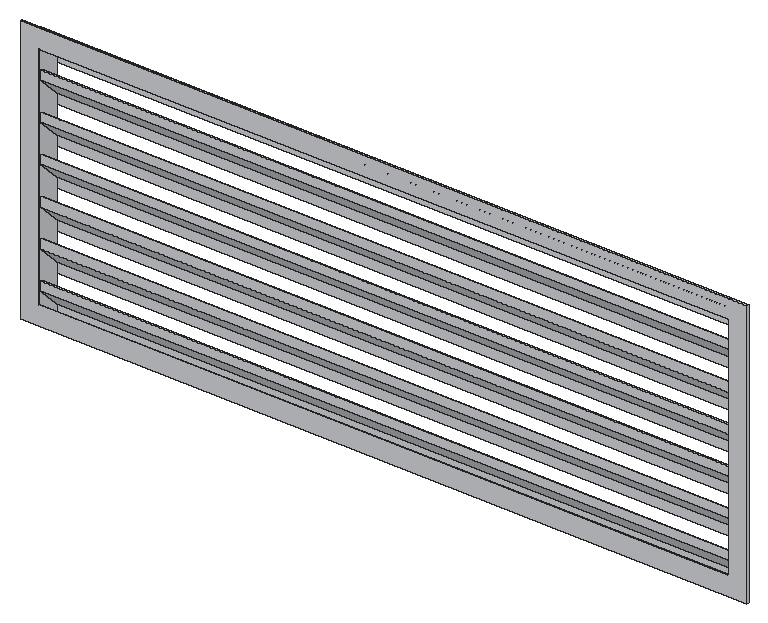
Revit family "Отверстие прямоугольное с решеткой", category Обобщенные модели, Revit 2021
Family settings
  Может служить основой для арматурных стержней = Нет
  Размер круглого соединителя = Использовать диаметр
  Тип детали = Нормальный
  На основе рабочей плоскости = Нет
  Всегда вертикально = Да
  При загрузке вырезать с полостями = Да
  Общий = Нет
  Точка принадлежности помещению = Нет
Parameters
  Фальшсмещение [instance] = 1000 mm + Смещение УГО КР  # 1000 mm
  Фальшплоскость [instance] = 2000 mm
  Фальшотметка [instance] = 2000 mm + Отверстие_Отметка от этажа  # 3200 mm
  Толщина стены КР [instance] = 200 mm
  Толщина стены [instance] = 300 mm
  Тип семейства = "Отверстие прямоугольное на вертикальной грани"  # constant formula
  Тип отверстия КР [instance] = УГО отверстие прямоугольное КР : Отверстие инженерное
  Смещение УГО КР [instance] = 0 mm
  Отображение УГО на разрезе [instance] = yes
  Отметка по умолчанию = 0 mm
  Отметка от нуля здания [instance] = 0 mm
  Отверстие_Ширина [instance] = 1500 mm
  Отверстие_СогласованиеКР [instance] = no
  Отверстие_СогласованиеИОС [instance] = no
  Отверстие_СогласованиеАР [instance] = no
  Отверстие_Размер [instance] = "500"
  Отверстие_Отметка от этажа [instance] = 1200 mm
  Отверстие_НаУдаление [instance] = no
  Отверстие_Глубина [instance] = 500 mm
  Отверстие_Высота [instance] = 500 mm
  Марка раздела [instance] = "ВК"
  М.решетки = none
  Задание [instance] = "АР, КР"
  Высота расположения УГО [instance] = 1300 mm
  Верхний брус [instance] = Отверстие_Отметка от этажа + Отверстие_Высота  # 1700 mm
  ADSK_Отметка от нуля здания [instance] = Отметка от нуля здания  # 0 mm
  ADSK_Отверстие_Ширина [instance] = Отверстие_Ширина  # 1500 mm
  ADSK_Отверстие_Размер [instance] = Отверстие_Размер  # "500"
  ADSK_Отверстие_Отметка от этажа [instance] = Отверстие_Отметка от этажа  # 1200 mm
  ADSK_Отверстие_Высота [instance] = Отверстие_Высота  # 500 mm
  ADSK_Марка раздела [instance] = Марка раздела  # "ВК"
  ADSK_Задание [instance] = Задание  # "АР, КР"
Reference planes
  plane 1 "По центру (Вперед/Назад)": y = 0
  plane 2: z = 0
  plane 3 "По центру (Влево/Вправо)": x = 0
  plane 4: z = 1200
  plane 5: z = 1700
  plane 6: z = 1450
  plane 7: y = 150
  plane 8: y = -150
  plane 9 "1": z = 1300
  plane 10: x = -750
  plane 11: x = 750
  plane 12: z = -2000
  plane 13: y = -1150
Forms (mm)
  Extrusion 1, void
    sketch origin (0, 0, 0) x (1, 0, 0) y (0, 0, 1)
      loop
        line (-750, 1700) -> (-750, 1200) -> (750, 1200) -> (750, 1700) -> (-750, 1700)
    from -250 to 250
Lines and regions (mm)
  model lines, detail levels fine
    curve 1: line (-750, 0, 1700) -> (750, 0, 1700)
    curve 2: line (-750, 0, 1200) -> (-750, 0, 1700)
    curve 3: line (750, 0, 1200) -> (-750, 0, 1200)
    curve 4: line (750, 0, 1700) -> (750, 0, 1200)
  model lines, style "InvisibleLines", detail levels fine
    curve 5: line (0, 0, 0) -> (0, 0, 1300)
  model lines, style "InvisibleLines"
    curve 6: line (0, -250, 0) -> (0, 250, 0)
  reference lines
    curve 7: line (-750, 0, 0) -> (750, 0, 0)
    curve 8: line (0, 2000, 0) -> (0, -2000, 0)
Dimensions and locks
  equal spacing: Extrusion 1, plane 1 "По центру (Вперед/Назад)", Extrusion 1
  "Отверстие_Глубина": Extrusion 1 to Extrusion 1
  equal spacing: Extrusion 1 sketch curve, plane 3 "По центру (Влево/Вправо)", Extrusion 1 sketch curve
  "Отверстие_Ширина": Extrusion 1 sketch curve to Extrusion 1 sketch curve
  "Отверстие_Высота": Extrusion 1 sketch curve to Extrusion 1 sketch curve
  equal spacing: plane 4, plane 6, plane 5
  "Отверстие_Высота": plane 4 to plane 5
  equal spacing: plane 8, plane 1 "По центру (Вперед/Назад)", plane 7
  "Толщина стены": plane 7 to plane 8
  equal spacing: curve 4, plane 3 "По центру (Влево/Вправо)", curve 2
  "Отверстие_Ширина": curve 4 to curve 2
  equal spacing: curve 1, plane 6, curve 3
  "Отверстие_Высота": curve 1 to curve 3
  "Высота расположения УГО": plane 9 "1" to level
  equal spacing: plane 10, plane 3 "По центру (Влево/Вправо)", plane 11
  "Отверстие_Ширина": plane 10 to plane 11
  equal spacing: curve 6, plane 1 "По центру (Вперед/Назад)", curve 6
  "Отверстие_Глубина": curve 6 to curve 6
  "Фальшплоскость": plane 2 to plane 12
  "Фальшотметка": plane 4 to plane 12
  "Фальшсмещение": nested 4 to plane 13
  locked: plane 8 to plane 13 at 1000
  "Фальшсмещение": nested 3 to plane 13
  aligned and locked: level to plane 2
  aligned and locked: plane 3 "По центру (Влево/Вправо)" to curve 5
  aligned and locked: plane 9 "1" to curve 5
  aligned and locked: level to curve 5
  aligned and locked: nested 1 to plane 4
  aligned and locked: plane 10 to nested 1
  aligned and locked: plane 5 to nested 1
  aligned and locked: nested 1 to plane 11
  aligned and locked: plane 1 "По центру (Вперед/Назад)" to nested 2
  aligned and locked: plane 3 "По центру (Влево/Вправо)" to nested 2
  aligned and locked: nested 3 to plane 6
  aligned and locked: plane 3 "По центру (Влево/Вправо)" to nested 4
  aligned and locked: nested 5 to plane 6
  aligned and locked: nested 5 to plane 1 "По центру (Вперед/Назад)"
  aligned and locked: curve 7 to nested 2
  aligned and locked: curve 8 to plane 3 "По центру (Влево/Вправо)"
  aligned and locked: nested 6 to Extrusion 1
  aligned and locked: curve 8 to nested 6
  aligned and locked: nested 6 to plane 6
Automatic sketch dimensions
  plane 1 "По центру (Вперед/Назад)" to curve 7 = 0 mm
  curve 7 to plane 10 = 0 mm
  curve 7 to plane 11 = 0 mm
  curve 8 to plane 8 = 1850 mm
  plane 7 to curve 8 = 1850 mm
  curve 6 to plane 3 "По центру (Влево/Вправо)" = 0 mm
  Extrusion 1 sketch curve to plane 4 = 0 mm
Nested families
  nested 1: "Обозначение проема-Прямоугольный" at (-750, 0, 1200) x (1, 0, 0) z (0, -1, 0), type "Обозначение проема-Прямоугольный"
    with Ширина 1500 mm, Цветовая область yes, Глубина 500 mm, Видимость линии no, Вершина линии 100 mm
  nested 2: "УГО отверстие прямоугольное АР" at (0, 0, 0), a <- "Отверстие_Ширина", b <- "Толщина стены", type "УГО отверстие прямоугольное АР", detail levels coarse+fine
    with b 300 mm, a 1500 mm
  nested 3: "УГО отверстие прямоугольное" at (0, -50, 1450) x (0, 1, 0) z (1, 0, 0), a <- "Толщина стены КР", b <- "Отверстие_Высота", visible <- "Отображение УГО на разрезе", type "УГО отверстие прямоугольное", detail levels coarse+medium
    with b 500 mm, a 200 mm
  nested 4: "УГО отверстие прямоугольное КР" at (0, -50, 1300), b <- "Толщина стены КР", a <- "Отверстие_Ширина", type <- "Тип отверстия КР", type "Отверстие инженерное", detail levels coarse+medium
    with b 200 mm, a 1500 mm
  nested 5: "УГО отверстие прямоугольное АР" at (0, 0, 1450) x (0, 1, 0) z (1, 0, 0), b <- "Отверстие_Высота", a <- "Толщина стены", type "УГО отверстие прямоугольное АР", detail levels coarse+fine
    with b 500 mm, a 300 mm
  nested 6: "ВЕЗА_РОН 310_0" at (0, -253, 1450) x (-1, 0, 0) z (0, 0, 1), ADSK_Размер_Ширина <- "ADSK_Отверстие_Ширина", ADSK_Размер_Высота <- "ADSK_Отверстие_Высота", type "РОН 310"
    with Угол поворота УГО 3D 0.00°, Скорость воздуха 2.99491 m/s, Приток/Воздухозабор yes, Плотность воздуха 1.2000 kg/m³, Отступ указателя УГО 100 mm, Масштаб указателя УГО 100, Количество лопаток 7, КМС 314.00%, Вытяжка/Выброс no, Внимание no, ВЕЗА_Защита от обледенения "0", ВЕЗА_ВНИМАНИЕ "Типоразмер из каталога", S vn 50 mm, F 371000 mm², D_Внимание 1700 mm, B vn 500 mm, ADSK_Расход воздуха 1111.11 L/s, ADSK_Размер_Ширина 1500 mm, ADSK_Размер_Высота 500 mm, ADSK_Потеря давления воздуха 16.8985 Pa, ADSK_Масса 14.12, ADSK_Марка "", ADSK_Комплект "", ADSK_Группирование "", A vn 1500 mm
Definition of nested family "ВЕЗА_РОН 310_0"
  Parameters (values of type "РОН 310")
    Ширина фланца (диапазон) (по умолчанию) = "30/40/50/60/70/80/90/100"  # constant formula
    Угол поворота УГО 3D [instance] = 0.00°
    Таблица_Наименование = "рон310_Наименование"  # constant formula
    Таблица = "pon310"  # constant formula
    Скорость воздуха [instance] = if(F = 0.00 m², 0.0 m/s, ADSK_Расход воздуха / F)  # 9.92063 m/s
    Приток/Воздухозабор [instance] = yes
    Отступ указателя УГО [instance] = 100 mm
    Default Elevation = 0 mm
    Масштаб указателя УГО [instance] = 100
    Вытяжка/Выброс [instance] = not([Приток/Воздухозабор])  # no
    Плотность воздуха [instance] = 1.2000 kg/m³  # constant formula
    Description = ""
    Минимальный размер = "200мм x 200мм"  # constant formula
    Максимальный размер = "1500мм x 2000мм"  # constant formula
    Количество лопаток [instance] = if(round((ADSK_Размер_Высота + ВЕЗА_Размер_Ширина фланца * 2) / 87 mm) > 1, round((ADSK_Размер_Высота + ВЕЗА_Размер_Ширина фланца * 2) / 87 mm), 2)  # 6
    КМС [instance] = size_lookup(Таблица, "КМС", 0, A vn, B vn)  # 381.00%
    Manufacturer = ""
    Внимание [instance] = or(A vn = 0 mm, B vn = 0 mm, S vn = 0 mm)  # no
    ВЕЗА_Размер_Ширина фланца = 40 mm
    ВЕЗА_Материал = "Н"
    ВЕЗА_Контакты = "bim@veza.ru"  # constant formula
    ВЕЗА_Классификатор = "46008"  # constant formula
    ВЕЗА_Защита от обледенения [instance] = "0"  # constant formula
    ВЕЗА_ВНИМАНИЕ [instance] = if(Внимание, "Типоразмер не описан в семействе", "Типоразмер из каталога")  # "Типоразмер из каталога"
    URL = "http://www.veza.ru/docs/obshchepromyshlennye-i-protivopozharnye-klapany/"
    S vn [instance] = 50 mm  # constant formula
    F [instance] = size_lookup(Таблица, "F", 0 mm², A vn, B vn)  # 112000 mm²
    D_Внимание [instance] = if(ADSK_Размер_Ширина > ADSK_Размер_Высота, ADSK_Размер_Ширина + 200 mm, ADSK_Размер_Высота + 200 mm)  # 700 mm
    B vn [instance] = if(and(not(ADSK_Размер_Высота < 200 mm), not(ADSK_Размер_Высота > 2000 mm)), round(ADSK_Размер_Высота / 50 mm) * 50 mm, 0 mm)  # 450 mm
    ADSK_Расход воздуха [instance] = 1111.11 L/s
    ADSK_Размер_Ширина [instance] = 500 mm
    ADSK_Размер_Высота [instance] = 450 mm
    ADSK_Потеря давления воздуха [instance] = КМС * ((Плотность воздуха * Скорость воздуха * Скорость воздуха) / 2)  # 224.986 Pa
    ADSK_Наименование краткое = "РОН 310"  # constant formula
    ADSK_Наименование = size_lookup(Таблица_Наименование, "", "Не определено", ВЕЗА_Размер_Ширина фланца, ВЕЗА_Материал)  # "Устройство воздухоприемное РОН 310, прямоугольного сечения, ширина фланца 40мм, без защиты от обледенения, материал - нержавеющая сталь"
    ADSK_Материал = none
    ADSK_Масса [instance] = round(((ADSK_Размер_Высота) / 1000 mm * 2 * 1.52 + (ADSK_Размер_Ширина * Количество лопаток) / 1000 mm * 1.2) * 100) / 100  # 4.97
    ADSK_Марка [instance] = ""
    ADSK_Комплект [instance] = ""
    ADSK_Количество = 1
    ADSK_Код изделия = ""
    ADSK_Завод-изготовитель = "ООО ''ВЕЗА''"  # constant formula
    ADSK_Единица измерения = "шт."  # constant formula
    ADSK_Дата изменения = "17.05.2021"  # constant formula
    ADSK_Группирование [instance] = ""
    A vn [instance] = if(and(not(ADSK_Размер_Ширина < 200 mm), not(ADSK_Размер_Ширина > 1500 mm)), round(ADSK_Размер_Ширина / 50 mm) * 50 mm, 0 mm)  # 500 mm
  Reference planes
    plane 1 "По центру (Вперед/Назад)": y = 0
    plane 2: z = 0
    plane 3 "По центру (Влево/Вправо)": x = 0
    plane 4: z = 225
    plane 5: z = -225
    plane 6: z = 265
    plane 7: z = -265
    plane 8: y = -3
    plane 9 "Зад": y = -50
    plane 10: x = 290
    plane 11 "Правый": x = 250
    plane 12: x = -290
    plane 13 "Левый": x = -250
    plane 14: x = 251.5
    plane 15: x = -251.5
    plane 16 "Коннектор": y = 0
    plane 17: through (4267.2, 27, 295) normal (0, 0.7071, -0.7071)
    plane 18: through (4267.2, 27, 295) normal (0, 0.7071, -0.7071)
  Forms (mm)
    Extrusion 1, solid, material <- "ADSK_Материал", detail levels medium+fine
      sketch origin (0, 0, 0) x (1, 0, 0) y (0, 0, 1)
        loop
          line (-290, 265) -> (-290, -265) -> (290, -265) -> (290, 265) -> (-290, 265)
        loop
          line (-250, 225) -> (-250, -225) -> (250, -225) -> (250, 225) -> (-250, 225)
      from 0 to 3
    Extrusion 2, solid, material <- "ADSK_Материал", detail levels medium+fine
      sketch origin (-250, 0, 0) x (0, 0, 1) y (0, 1, 0)
        loop
          line (-265, -3) -> (-265, -50) -> (218, -50) -> (265, -3) -> (-265, -3)
      from 0 to 1.5
    Extrusion 3, solid, material <- "ADSK_Материал", detail levels medium+fine
      sketch origin (250, 0, 0) x (0, 0, 1) y (0, -1, 0)
        loop
          line (-265, 3) -> (265, 3) -> (218, 50) -> (-265, 50) -> (-265, 3)
      from 0 to 1.5
  Lines and regions (mm)
    reference lines
      curve 1: line (0, 0, 0) -> (800, 0, 0)
  Dimensions and locks
    equal spacing: plane 4, level, plane 5
    "ADSK_Размер_Высота": plane 4 to plane 5
    "ВЕЗА_Размер_Ширина фланца": plane 6 to plane 4
    "ВЕЗА_Размер_Ширина фланца": plane 5 to plane 7
    locked: plane 8 to plane 1 "По центру (Вперед/Назад)" at 3
    equal spacing: plane 13 "Левый", plane 3 "По центру (Влево/Вправо)", plane 11 "Правый"
    "ADSK_Размер_Ширина": plane 13 "Левый" to plane 11 "Правый"
    "ВЕЗА_Размер_Ширина фланца": plane 10 to plane 11 "Правый"
    "ВЕЗА_Размер_Ширина фланца": plane 12 to plane 13 "Левый"
    plane 14 to plane 11 "Правый" = 1.5 mm
    plane 15 to plane 13 "Левый" = 1.5 mm
    "S vn": plane 9 "Зад" to plane 1 "По центру (Вперед/Назад)"
    equal spacing: group 1, group 3, group 4, group 5, group 6, group 2  (x3)
    locked: plane 8 to plane 17 (angle 135.00°)
    locked: plane 8 to plane 18 (angle 135.00°)
    "Угол поворота УГО 3D": angle plane 2 to curve 1
    aligned and locked: level to plane 2
    aligned and locked: Extrusion 1 sketch curve to plane 6
    aligned and locked: plane 12 to Extrusion 1 sketch curve
    aligned and locked: Extrusion 1 sketch curve to plane 10
    aligned and locked: Extrusion 1 sketch curve to plane 7
    aligned and locked: Extrusion 1 sketch curve to plane 4
    aligned and locked: Extrusion 1 sketch curve to plane 5
    aligned and locked: Extrusion 1 sketch curve to plane 11 "Правый"
    aligned and locked: plane 13 "Левый" to Extrusion 1 sketch curve
    aligned and locked: Extrusion 1 to plane 8
    aligned and locked: plane 7 to Extrusion 2 sketch curve
    aligned and locked: plane 9 "Зад" to Extrusion 2 sketch curve
    aligned and locked: plane 8 to Extrusion 2 sketch curve
    aligned and locked: Extrusion 2 to plane 15
    aligned and locked: plane 14 to Extrusion 3
    aligned and locked: plane 7 to nested 1
    aligned and locked: nested 1 to plane 9 "Зад"
    aligned and locked: plane 3 "По центру (Влево/Вправо)" to nested 1
    aligned and locked: nested 2 to plane 6
    aligned and locked: plane 3 "По центру (Влево/Вправо)" to nested 2
    aligned and locked: plane 16 "Коннектор" to plane 1 "По центру (Вперед/Назад)"
    aligned and locked: Extrusion 3 sketch curve to plane 17
    aligned and locked: plane 18 to Extrusion 2 sketch curve
    aligned and locked: plane 2 to curve 1
    aligned and locked: plane 3 "По центру (Влево/Вправо)" to curve 1
  Automatic sketch dimensions
    Extrusion 3 sketch curve to plane 7 = 0 mm
    Extrusion 3 sketch curve to plane 9 "Зад" = 0 mm  (x2)
    Extrusion 3 sketch curve to plane 6 = 0 mm
  Nested families
    nested 1: "Лопатка_РОН 310" at (0, -3, -178) x (1, 0, 0) z (0, -1, 0), L <- "ADSK_Размер_Ширина", Лопатка <- "ADSK_Материал", type "Лопатка_РОН 310", detail levels fine
      with Лопатка none, L 500 mm
    nested 2: "Лопатка_РОН 310" at (0, -3, 265) x (1, 0, 0) z (0, -1, 0), L <- "ADSK_Размер_Ширина", Лопатка <- "ADSK_Материал", type "Лопатка_РОН 310", detail levels fine
      with Лопатка none, L 500 mm
    nested 3: "Лопатка_РОН 310" at (0, -3, -89.4) x (1, 0, 0) z (0, -1, 0), L <- "ADSK_Размер_Ширина", Лопатка <- "ADSK_Материал", type "Лопатка_РОН 310", detail levels fine
      with Лопатка none, L 500 mm
    nested 4: "Лопатка_РОН 310" at (0, -3, -0.8) x (1, 0, 0) z (0, -1, 0), L <- "ADSK_Размер_Ширина", Лопатка <- "ADSK_Материал", type "Лопатка_РОН 310", detail levels fine
      with Лопатка none, L 500 mm
    nested 5: "Лопатка_РОН 310" at (0, -3, 87.8) x (1, 0, 0) z (0, -1, 0), L <- "ADSK_Размер_Ширина", Лопатка <- "ADSK_Материал", type "Лопатка_РОН 310", detail levels fine
      with Лопатка none, L 500 mm
    nested 6: "Лопатка_РОН 310" at (0, -3, 176.4) x (1, 0, 0) z (0, -1, 0), L <- "ADSK_Размер_Ширина", Лопатка <- "ADSK_Материал", type "Лопатка_РОН 310", detail levels fine
      with Лопатка none, L 500 mm
  Definition of nested family "Лопатка_РОН 310"
    Parameters (values of type "Лопатка_РОН 310")
      Default Elevation = 1219.2 mm
      Лопатка [instance] = none
      L [instance] = 250 mm
    Reference planes
      plane 1 "По центру (Вперед/Назад)": y = 0
      plane 2: z = 0
      plane 3 "По центру (Влево/Вправо)": x = 0
      plane 4: z = 47
      plane 5: y = -67
      plane 6: y = -20
      plane 7: through (4267.2, -20, 0) normal (0, -0.7071, -0.7071)
      plane 8: y = -87
      plane 9: z = 45.5
      plane 10: x = -125
      plane 11: x = 125
    Forms (mm)
      Sweep 1, solid, material <- "Лопатка"
        path origin (0, 0, 0) x (0, 1, 0) y (0, 0, 1)
          loop
            line (-87, 45.5) -> (-65.5, 45.5) -> (-20, 0) -> (0, 0)
        profile origin (0, -76.25, 45.5) x (0, 0, 1) y (1, 0, 0)
          loop
            line (0, -125) -> (1.5, -125) -> (1.5, 125) -> (0, 125) -> (0, -125)
    Dimensions and locks
      plane 4 to plane 2 = 47 mm
      plane 6 to plane 1 "По центру (Вперед/Назад)" = 20 mm
      plane 5 to plane 6 = 47 mm
      plane 8 to plane 5 = 20 mm
      plane 4 to plane 9 = 1.5 mm
      equal spacing: plane 10, plane 3 "По центру (Влево/Вправо)", plane 11
      "L": plane 10 to plane 11
      locked: plane 2 to plane 7 (angle 135.00°)
      aligned and locked: level to plane 2
      aligned and locked: Sweep 1 sketch curve to plane 9
      aligned and locked: plane 8 to Sweep 1 sketch curve
      aligned and locked: plane 7 to Sweep 1 sketch curve
      aligned and locked: plane 6 to Sweep 1 sketch curve
      aligned and locked: plane 1 "По центру (Вперед/Назад)" to Sweep 1 sketch curve
      aligned and locked: plane 2 to Sweep 1 sketch curve
      aligned and locked: plane 9 to Sweep 1 sketch curve
      aligned and locked: plane 4 to Sweep 1 sketch curve
      aligned and locked: plane 11 to Sweep 1 sketch curve
      aligned and locked: Sweep 1 sketch curve to plane 10
Definition of nested family "Обозначение проема-Прямоугольный"
  Parameters (values of type "Обозначение проема-Прямоугольный")
    Видимость линии [instance] = no
    Вершина линии [instance] = if(Ширина > Глубина, Глубина / 5, Ширина / 5)  # 280 mm
    Цветовая область [instance] = yes
    Глубина [instance] = 1400 mm
    Ширина [instance] = 1500 mm
    Assembly Code = ""
  Reference planes
    plane 1 "По центру (Вперед/Назад)": y = 0
    plane 2: z = 0
    plane 3 "По центру (Влево/Вправо)": x = 0
    plane 4: y = 1400
    plane 5: x = 0
    plane 6: x = 1500
    plane 7: y = 0
    plane 8: x = 280
    plane 9: y = 1120
  Lines and regions (mm)
    Filled region 1, type "Сплошная заливка - Черный", in view "Опорный уровень", visible <- "Цветовая область"
      outline origin (1500, 0, 0) x (0, 1, 0) y (-1, 0, 0)
        loop
          line (1400, 0) -> (1400, 1500) -> (0, 1500) -> (1120, 1220) -> (1400, 0)
    detail lines, in view "Опорный уровень"
      curve 1: line (0, 1400, 0) -> (1500, 1400, 0)
      curve 2: line (0, 0, 0) -> (0, 1400, 0)
      curve 3: line (1500, 0, 0) -> (0, 0, 0)
      curve 4: line (1500, 1400, 0) -> (1500, 0, 0)
    detail lines, in view "Опорный уровень", visible <- "Видимость линии"
      curve 5: line (1500, 1400, 0) -> (280, 1120, 0)
      curve 6: line (280, 1120, 0) -> (0, 0, 0)
  Dimensions and locks
    "Ширина": plane 5 to plane 6
    "Глубина": plane 7 to plane 4
    "Вершина линии": plane 8 to plane 3 "По центру (Влево/Вправо)"
    "Вершина линии": plane 4 to plane 9
    aligned and locked: plane 7 to curve 4
    aligned and locked: curve 4 to plane 6
    aligned and locked: plane 7 to plane 1 "По центру (Вперед/Назад)"
    aligned and locked: plane 5 to plane 3 "По центру (Влево/Вправо)"
    aligned and locked: Filled region 1 sketch curve to plane 4
    aligned and locked: Filled region 1 sketch curve to plane 3 "По центру (Влево/Вправо)"
  Automatic sketch dimensions
    curve 1 to plane 3 "По центру (Влево/Вправо)" = 0 mm
    curve 5 to plane 8 = 0 mm
    curve 5 to plane 9 = 0 mm
    plane 4 to curve 5 = 0 mm
    plane 1 "По центру (Вперед/Назад)" to Filled region 1 sketch curve = 0 mm
    Filled region 1 sketch curve to plane 8 = 0 mm
    Filled region 1 sketch curve to plane 9 = 0 mm
    Filled region 1 sketch curve to plane 6 = 0 mm
Definition of nested family "УГО отверстие прямоугольное АР"
  Parameters (values of type "КПСП_УГО отверстие прямоугольное АР")
    b [instance] = 467.191 mm
    a [instance] = 413.653 mm
  Reference planes
    plane 1 "По центру (Вперед/Назад)": y = 0
    plane 2: z = 0
    plane 3 "По центру (Влево/Вправо)": x = 0
    plane 4: y = 233.595
    plane 5: y = -233.595
    plane 6: x = -206.826
    plane 7: x = 206.826
  Lines and regions (mm)
    Masking region 1, in view "Опорный уровень"
      outline origin (0, 0, 0) x (1, 0, 0) y (0, 1, 0)
        loop
          line (-206.826, -233.595) -> (206.826, -233.595) -> (206.826, 233.595) -> (-206.826, 233.595) -> (-206.826, -233.595)
    detail lines, in view "Опорный уровень"
      curve 1: line (-206.826, 233.595, 0) -> (206.826, 233.595, 0)
      curve 2: line (-206.826, -233.595, 0) -> (-206.826, 233.595, 0)
      curve 3: line (206.826, -233.595, 0) -> (-206.826, -233.595, 0)
      curve 4: line (206.826, 233.595, 0) -> (206.826, -233.595, 0)
      curve 5: line (-206.826, -233.595, 0) -> (206.826, 233.595, 0)
      curve 6: line (-206.826, 233.595, 0) -> (206.826, -233.595, 0)
  Dimensions and locks
    equal spacing: plane 6, plane 3 "По центру (Влево/Вправо)", plane 7
    "a": plane 6 to plane 7
    equal spacing: plane 4, plane 1 "По центру (Вперед/Назад)", plane 5
    "b": plane 5 to plane 4
    aligned and locked: curve 3 to plane 5
    aligned and locked: plane 7 to curve 4
    aligned and locked: plane 7 to Masking region 1 sketch curve
    aligned and locked: plane 5 to Masking region 1 sketch curve
    aligned and locked: plane 6 to Masking region 1 sketch curve
    aligned and locked: plane 4 to Masking region 1 sketch curve
  Automatic sketch dimensions
    curve 6 to plane 4 = 0 mm
    curve 6 to plane 6 = 0 mm
Definition of nested family "УГО отверстие прямоугольное"
  Parameters (values of type "КПСП_УГО отверстие прямоугольное")
    b [instance] = 467.191 mm
    a [instance] = 413.653 mm
  Reference planes
    plane 1 "По центру (Вперед/Назад)": y = 0
    plane 2: z = 0
    plane 3 "По центру (Влево/Вправо)": x = 0
    plane 4: y = 233.595
    plane 5: y = -233.595
    plane 6: x = -206.826
    plane 7: x = 206.826
  Lines and regions (mm)
    Filled region 1, type "Сплошная заливка - Черный", in view "Опорный уровень"
      outline origin (0, 0, 0) x (1, 0, 0) y (0, 1, 0)
        loop
          line (-206.826, 233.595) -> (-206.826, -233.595) -> (206.826, 233.595) -> (-206.826, 233.595)
    Masking region 1, in view "Опорный уровень"
      outline origin (0, 0, 0) x (1, 0, 0) y (0, 1, 0)
        loop
          line (-206.826, -233.595) -> (206.826, -233.595) -> (206.826, 233.595) -> (-206.826, -233.595)
    detail lines, in view "Опорный уровень"
      curve 1: line (-206.826, 233.595, 0) -> (206.826, 233.595, 0)
      curve 2: line (-206.826, -233.595, 0) -> (-206.826, 233.595, 0)
      curve 3: line (206.826, -233.595, 0) -> (-206.826, -233.595, 0)
      curve 4: line (206.826, 233.595, 0) -> (206.826, -233.595, 0)
  Dimensions and locks
    equal spacing: plane 6, plane 3 "По центру (Влево/Вправо)", plane 7
    "a": plane 6 to plane 7
    equal spacing: plane 4, plane 1 "По центру (Вперед/Назад)", plane 5
    "b": plane 5 to plane 4
    aligned and locked: curve 3 to plane 5
    aligned and locked: plane 7 to curve 4
    aligned and locked: Filled region 1 sketch curve to plane 6
    aligned and locked: Filled region 1 sketch curve to plane 4
    aligned and locked: plane 7 to Masking region 1 sketch curve
    aligned and locked: plane 5 to Masking region 1 sketch curve
  Automatic sketch dimensions
    curve 3 to plane 6 = 0 mm
    curve 2 to plane 4 = 0 mm
    plane 5 to Filled region 1 sketch curve = 0 mm
    Filled region 1 sketch curve to plane 7 = 0 mm
    Masking region 1 sketch curve to plane 4 = 0 mm
    Masking region 1 sketch curve to plane 6 = 0 mm
Definition of nested family "УГО отверстие прямоугольное КР"
  Parameters (values of type "Дверной проем")
    Отверстие инженеров = no
    Оконный проем = no
    Дверной проем = yes
    b [instance] = 200 mm
    a [instance] = 1000 mm
  Types (3, lengths in mm): name | Отверстие инженеров | Оконный проем | Дверной проем | b | a
    Отверстие инженерное | yes | no | no | 467.191 | 413.653
    Дверной проем | no | no | yes | 200 | 1000
    Оконный проем | no | yes | no | 467.191 | 413.653
  Reference planes
    plane 1 "По центру (Вперед/Назад)": y = 0
    plane 2: z = 0
    plane 3 "По центру (Влево/Вправо)": x = 0
    plane 4: y = 100
    plane 5: y = -100
    plane 6: x = -500
    plane 7: x = 500
  Lines and regions (mm)
    Filled region 1, type "Сплошная заливка - Черный", in view "Опорный уровень", visible <- "Отверстие инженеров", detail levels coarse+medium
      outline origin (0, 0, 0) x (1, 0, 0) y (0, 1, 0)
        loop
          line (-500, 100) -> (-500, -100) -> (500, 100) -> (-500, 100)
    Masking region 1, in view "Опорный уровень", visible <- "Отверстие инженеров", detail levels coarse+medium
      outline origin (0, 0, 0) x (1, 0, 0) y (0, 1, 0)
        loop
          line (-500, -100) -> (500, -100) -> (500, 100) -> (-500, -100)
    Masking region 2, in view "Опорный уровень", visible <- "Оконный проем"
      outline origin (0, 0, 0) x (1, 0, 0) y (0, 1, 0)
        loop
          line (-500, 100) -> (-500, -100) -> (500, -100) -> (500, 100) -> (-500, 100)
    Filled region 2, type "Сплошная заливка - Белый", in view "Опорный уровень", visible <- "Дверной проем"
      outline origin (0, 0, 0) x (1, 0, 0) y (0, 1, 0)
        loop
          line (-500, 100) -> (-500, -100) -> (500, -100) -> (500, 100) -> (-500, 100)
    detail lines, in view "Опорный уровень", visible <- "Отверстие инженеров", detail levels coarse+medium
      curve 1: line (-500, 100, 0) -> (500, 100, 0)
      curve 2: line (-500, -100, 0) -> (-500, 100, 0)
      curve 3: line (500, -100, 0) -> (-500, -100, 0)
      curve 4: line (500, 100, 0) -> (500, -100, 0)
    detail lines, in view "Опорный уровень", visible <- "Дверной проем"
      curve 5: line (-500, 100, 0) -> (500, 100, 0)
      curve 6: line (-500, -100, 0) -> (500, -100, 0)
  Dimensions and locks
    equal spacing: plane 6, plane 3 "По центру (Влево/Вправо)", plane 7
    "a": plane 6 to plane 7
    equal spacing: plane 4, plane 1 "По центру (Вперед/Назад)", plane 5
    "b": plane 5 to plane 4
    aligned and locked: curve 3 to plane 5
    aligned and locked: Filled region 1 sketch curve to plane 6
    aligned and locked: Filled region 1 sketch curve to plane 4
    aligned and locked: plane 7 to Masking region 1 sketch curve
    aligned and locked: Masking region 1 sketch curve to plane 5
    aligned and locked: plane 4 to curve 5
    aligned and locked: plane 6 to curve 5
    aligned and locked: plane 7 to curve 5
    aligned and locked: curve 6 to plane 5
    aligned and locked: plane 6 to curve 6
    aligned and locked: plane 7 to curve 6
    aligned and locked: Masking region 2 sketch curve to curve 5
    aligned and locked: plane 6 to Masking region 2 sketch curve
    aligned and locked: Masking region 2 sketch curve to curve 6
    aligned and locked: plane 7 to Masking region 2 sketch curve
    aligned and locked: plane 6 to Filled region 2 sketch curve
    aligned and locked: Filled region 2 sketch curve to plane 4
    aligned and locked: plane 7 to Filled region 2 sketch curve
    aligned and locked: Filled region 2 sketch curve to plane 5
  Automatic sketch dimensions
    plane 5 to Filled region 1 sketch curve = 0 mm
    Filled region 1 sketch curve to plane 7 = 0 mm
    Masking region 1 sketch curve to plane 4 = 0 mm
    Masking region 1 sketch curve to plane 6 = 0 mm
